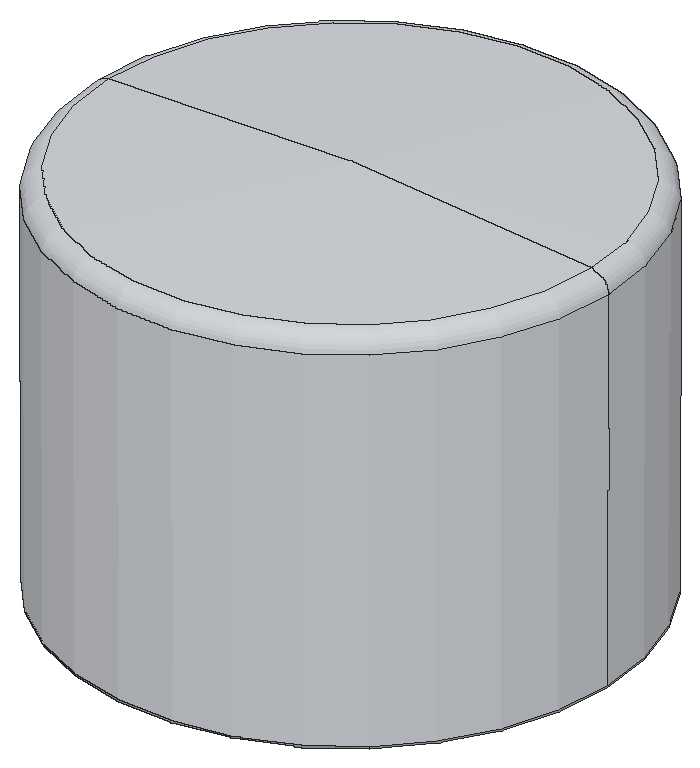
Revit family "Bernhardt-Design_Seating_Neighborhood_MobileSeating", category Furniture, Revit 2016
Family settings
  OmniClass Number = 23.40.20.00
  OmniClass Title = General Furniture and Specialties
  Work Plane-Based = No
  Always vertical = Yes
  Cut with Voids When Loaded = No
  Shared = No
  Room Calculation Point = No
Parameters (values of type "6021M")
  Upholstery Material [instance] = none
  URL = "http://www.bernhardtdesign.com/products/neighborhood/index.html"
  Type Selection = 6021
  Model = "Neighborhood"
  Manufacturer = "Bernhardt Design"  # constant formula
  Handle Finish = Aluminum - Brushed
  Copyright © = "Copyright © Bernhardt Design"  # constant formula
  Catalog [instance] = if(Type Selection = 6021, "Neighborhood 6021M", if(Type Selection = 60211, "Neighborhood 6021MJ", if(Type Selection = 6024, "Neighborhood 6024M", if(Type Selection = 60241, "Neighborhood 6024MJ", if(Type Selection = 6030, "Neighborhood 6030MB", "Neighborhood 6030MBJ")))))  # "Neighborhood 6021M"
  Authoring Version = "Autodesk Revit 2016"  # constant formula
  6030 = no
  6024 = no
  6021 = yes
Types (7): name | Type Selection | Handle Finish | Catalog | 6030 | 6024 | 6021
  (no name) | 6021 | Aluminum - Brushed | "Neighborhood 6021M" | no | no | yes
  6024M | 6024 | none | "Neighborhood 6024M" | no | yes | no
  6030MB | 6030 | Brushed Aluminum | "Neighborhood 6030MB" | yes | no | no
  6021M | 6021 | Aluminum - Brushed | "Neighborhood 6021M" | no | no | yes
  6021MJ | 60211 | none | "Neighborhood 6021MJ" | no | no | yes
  6024MJ | 60241 | none | "Neighborhood 6024MJ" | no | yes | no
  6030MBJ | 60301 | Brushed Aluminum | "Neighborhood 6030MBJ" | yes | no | no
Reference planes (in)
  plane 1 "Center Front/Back": y = 0
  plane 2: z = 0
  plane 3 "Center Left/Right": x = 0
Dimensions and locks (in)
  aligned and locked: level to plane 2
Nested families (in)
  nested 1: "Neighborhood_MobileSeating_6021M" at (0, 0, 0), Upholstery Material <- "Upholstery Material", visible <- "6021", type "Neighborhood 6021M"
    with Upholstery Material none
  nested 2: "Neighborhood_MobileSeating_6024M" at (0, 0, 0), Upholstry Material <- "Upholstery Material", visible <- "6024", type "Neighborhood 6024M"
    with Upholstry Material none
  nested 3: "Neighborhood_MobileSeating_6030M" at (0, 0, 0), Handle Finish <- "Handle Finish", Worksurface Material <- "Upholstery Material", visible <- "6030", type "Neighborhood 6030M"
    with Worksurface Material none, Handle Finish Aluminum - Brushed
Definition of nested family "Neighborhood_MobileSeating_6021M"
  Parameters (values of type "Neighborhood 6021M")
    Upholstery Material [instance] = none
    URL = ""
    Model = ""
    Manufacturer = ""
  Reference planes (in)
    plane 1 "Center Front/Back": y = 0
    plane 2: z = 0
    plane 3 "Center Left/Right": x = 0
  Forms (in)
    Revolve 1, solid, material <- "Upholstery Material"
      sketch origin (0, 0, 0) x (1, 0, 0) y (0, 0, 1)
        loop
          line (0, 0.84386) -> (0, 16.09386)
          arc (0, 16.09386) -> (-4.81074, 15.98393) -> (-9.61143, 15.65435) r 105.3125
          arc (-9.61143, 15.65435) -> (-10.08108, 15.42993) -> (-10.29155, 14.95386) r 0.75
          arc (-10.29155, 14.95386) -> (-10.49968, 7.95665) -> (-10.25786, 0.96053) r 108.90625
          arc (-10.25786, 0.96053) -> (-10.21853, 0.87758) -> (-10.13313, 0.84386) r 0.125
          line (-10.13313, 0.84386) -> (0, 0.84386)
        axis (0, 16.09386) -> (0, 0.84386)
      angle from 0 to 360
    Extrusion 2, solid
      sketch origin (4.20904, 107.809, 0.173) x (0, -1, 0) y (0, 0, 1)
        loop
          circle (100.434, 0.577) r 0.75
      from 5.08404 to 6.83404
    Extrusion 3, solid
      sketch origin (1.08404, 105.434, 0.173) x (0, -1, 0) y (0, 0, 1)
        loop
          circle (100.434, 0.577) r 0.75
      from 5.08404 to 6.83404
    Extrusion 4, solid
      sketch origin (-1.04096, 102.434, 0.173) x (0, -1, 0) y (0, 0, 1)
        loop
          circle (100.434, 0.577) r 0.75
      from 5.08404 to 6.83404
    Extrusion 5, solid
      sketch origin (-4.20904, 107.809, 0.173) x (0, -1, 0) y (0, 0, -1)
        loop
          circle (100.434, -0.577) r 0.75
      from 5.08404 to 6.83404
    Extrusion 6, solid
      sketch origin (-1.08404, 105.434, 0.173) x (0, -1, 0) y (0, 0, -1)
        loop
          circle (100.434, -0.577) r 0.75
      from 5.08404 to 6.83404
    Extrusion 7, solid
      sketch origin (1.04096, 102.434, 0.173) x (0, -1, 0) y (0, 0, -1)
        loop
          circle (100.434, -0.577) r 0.75
      from 5.08404 to 6.83404
    Extrusion 8, solid
      sketch origin (4.20904, -107.809, 0.173) x (0, 1, 0) y (0, 0, -1)
        loop
          circle (100.434, -0.577) r 0.75
      from 5.08404 to 6.83404
    Extrusion 9, solid
      sketch origin (1.08404, -105.434, 0.173) x (0, 1, 0) y (0, 0, -1)
        loop
          circle (100.434, -0.577) r 0.75
      from 5.08404 to 6.83404
    Extrusion 10, solid
      sketch origin (-1.04096, -102.434, 0.173) x (0, 1, 0) y (0, 0, -1)
        loop
          circle (100.434, -0.577) r 0.75
      from 5.08404 to 6.83404
    Extrusion 11, solid
      sketch origin (-4.20904, -107.809, 0.173) x (0, 1, 0) y (0, 0, 1)
        loop
          circle (100.434, 0.577) r 0.75
      from 5.08404 to 6.83404
    Extrusion 12, solid
      sketch origin (-1.08404, -105.434, 0.173) x (0, 1, 0) y (0, 0, 1)
        loop
          circle (100.434, 0.577) r 0.75
      from 5.08404 to 6.83404
    Extrusion 13, solid
      sketch origin (1.04096, -102.434, 0.173) x (0, 1, 0) y (0, 0, 1)
        loop
          circle (100.434, 0.577) r 0.75
      from 5.08404 to 6.83404
  Dimensions and locks (in)
    aligned and locked: level to plane 2
Definition of nested family "Neighborhood_MobileSeating_6024M"
  Parameters (values of type "Neighborhood 6024M")
    Upholstry Material [instance] = none
    URL = ""
    Model = ""
    Manufacturer = ""
  Reference planes (in)
    plane 1 "Center Front/Back": y = 0
    plane 2: z = 0
    plane 3 "Center Left/Right": x = 0
  Forms (in)
    Extrusion 1, solid
      sketch origin (-0.91596, 107.184, 0.173) x (0, -1, 0) y (0, 0, 1)
        loop
          circle (100.434, 0.577) r 0.75
      from 5.08404 to 6.83404
    Extrusion 2, solid, material <- "Upholstry Material"
      sketch origin (0, 10.5, 0) x (1, 0, 0) y (0, 0, 1)
        loop
          line (-10.13132, 0.85176) -> (10.13132, 0.85176)
          arc (10.13132, 0.85176) -> (10.21667, 0.88544) -> (10.25603, 0.96833) r 0.125
          arc (10.25603, 0.96833) -> (10.49972, 7.99465) -> (10.28201, 15.02182) r 107.12893
          arc (10.28201, 15.02182) -> (10.09496, 15.4713) -> (9.67135, 15.71124) r 0.75
          arc (9.67135, 15.71124) -> (0, 16.60747) -> (-9.67136, 15.7112) r 52.62987
          arc (-9.67136, 15.7112) -> (-10.09497, 15.47126) -> (-10.28201, 15.02179) r 0.75
          arc (-10.28201, 15.02179) -> (-10.49972, 7.99463) -> (-10.25603, 0.96833) r 107.12893
          arc (-10.25603, 0.96833) -> (-10.21667, 0.88544) -> (-10.13132, 0.85176) r 0.125
      from 0 to 21
    Extrusion 3, solid
      sketch origin (0.91596, 107.184, 0.173) x (0, -1, 0) y (0, 0, -1)
        loop
          circle (100.434, -0.577) r 0.75
      from 5.08404 to 6.83404
    Extrusion 4, solid
      sketch origin (-0.91596, -107.184, 0.173) x (0, 1, 0) y (0, 0, -1)
        loop
          circle (100.434, -0.577) r 0.75
      from 5.08404 to 6.83404
    Extrusion 5, solid
      sketch origin (0.91596, -107.184, 0.173) x (0, 1, 0) y (0, 0, 1)
        loop
          circle (100.434, 0.577) r 0.75
      from 5.08404 to 6.83404
  Dimensions and locks (in)
    aligned and locked: level to plane 2
Definition of nested family "Neighborhood_MobileSeating_6030M"
  Parameters (values of type "Neighborhood 6030M")
    Worksurface Material [instance] = none
    URL = ""
    Model = ""
    Manufacturer = ""
    Handle Finish [instance] = none
    Authoring Version = ""
  Reference planes (in)
    plane 1 "Center Front/Back": y = 0
    plane 2: z = 0
    plane 3 "Center Left/Right": x = 0
  Forms (in)
    Extrusion 1, solid, material <- "Worksurface Material"
      sketch origin (0, 10.5, 0) x (1, 0, 0) y (0, 0, 1)
        loop
          arc (4.97727, 0.87235) -> (5.06566, 0.90897) -> (5.10227, 0.99735) r 0.125
          arc (5.10227, 0.99735) -> (5.13888, 0.90897) -> (5.22727, 0.87235) r 0.125
          line (5.22727, 0.87235) -> (15.26824, 0.87235)
          arc (15.26824, 0.87235) -> (15.3551, 0.90746) -> (15.39316, 0.99307) r 0.125
          arc (15.39316, 0.99307) -> (15.62395, 14.51041) -> (15.38859, 28.02767) r 392.0817
          arc (15.38859, 28.02767) -> (15.12202, 28.6267) -> (14.51411, 28.87235) r 0.875
          line (14.51411, 28.87235) -> (9.98698, 28.87235)
          arc (9.98698, 28.87235) -> (9.23227, 28.6188) -> (8.78373, 27.96101) r 1.25
          line (8.78373, 27.96101) -> (5.10227, 14.88068)
          arc (5.10227, 14.88068) -> (4.89002, 15.44935) -> (4.35884, 15.7431) r 0.875
          arc (4.35884, 15.7431) -> (-4.98109, 16.46259) -> (-14.32494, 15.79584) r 63.30169
          arc (-14.32494, 15.79584) -> (-15.05665, 15.4131) -> (-15.39006, 14.65764) r 1.25
          arc (-15.39006, 14.65764) -> (-15.65939, 7.82248) -> (-15.3871, 0.98744) r 86.39119
          arc (-15.3871, 0.98744) -> (-15.3473, 0.90553) -> (-15.26249, 0.87235) r 0.125
          line (-15.26249, 0.87235) -> (4.97727, 0.87235)
      from 0 to 21
    Extrusion 2, solid
      sketch origin (-112.71839, 0.79096, 0.173) x (1, 0, 0) y (0, 0, -1)
        loop
          circle (100.434, -0.577) r 0.75
      from 5.08404 to 6.83404
    Extrusion 3, solid
      sketch origin (111.7746, 0.79096, 0.173) x (-1, 0, 0) y (0, 0, 1)
        loop
          circle (100.434, 0.577) r 0.75
      from 5.08404 to 6.83404
    Extrusion 4, solid
      sketch origin (-112.71839, -0.79096, 0.173) x (1, 0, 0) y (0, 0, 1)
        loop
          circle (100.434, 0.577) r 0.75
      from 5.08404 to 6.83404
    Extrusion 5, solid
      sketch origin (111.7746, -0.79096, 0.173) x (-1, 0, 0) y (0, 0, -1)
        loop
          circle (100.434, -0.577) r 0.75
      from 5.08404 to 6.83404
    Extrusion 6, void
      sketch origin (15.62396, 10.5, 0) x (0, -1, 0) y (0, 0, 1)
        loop
          line (12.5, 22.5) -> (8.5, 22.5)
          arc (8.5, 22.5) -> (8.45581, 22.48169) -> (8.4375, 22.4375) r 0.0625
          line (8.4375, 22.4375) -> (8.4375, 21.0625)
          arc (8.4375, 21.0625) -> (8.45581, 21.01831) -> (8.5, 21) r 0.0625
          line (8.5, 21) -> (12.5, 21)
          arc (12.5, 21) -> (12.54419, 21.01831) -> (12.5625, 21.0625) r 0.0625
          line (12.5625, 21.0625) -> (12.5625, 22.4375)
          arc (12.5625, 22.4375) -> (12.54419, 22.48169) -> (12.5, 22.5) r 0.0625
      from 0 to 1.25
    Extrusion 7, solid, material <- "Handle Finish"
      sketch origin (15.62396, 10.5, 0) x (0, -1, 0) y (0, 0, 1)
        loop
          line (12.5, 22.5) -> (8.5, 22.5)
          arc (8.5, 22.5) -> (8.45581, 22.48169) -> (8.4375, 22.4375) r 0.0625
          line (8.4375, 22.4375) -> (8.4375, 21.0625)
          arc (8.4375, 21.0625) -> (8.45581, 21.01831) -> (8.5, 21) r 0.0625
          line (8.5, 21) -> (12.5, 21)
          arc (12.5, 21) -> (12.54419, 21.01831) -> (12.5625, 21.0625) r 0.0625
          line (12.5625, 21.0625) -> (12.5625, 22.4375)
          arc (12.5625, 22.4375) -> (12.54419, 22.48169) -> (12.5, 22.5) r 0.0625
        loop
          line (12.125, 22.25) -> (8.875, 22.25)
          arc (8.875, 22.25) -> (8.83081, 22.23169) -> (8.8125, 22.1875) r 0.0625
          line (8.8125, 22.1875) -> (8.8125, 21.3125)
          arc (8.8125, 21.3125) -> (8.83081, 21.26831) -> (8.875, 21.25) r 0.0625
          line (8.875, 21.25) -> (12.125, 21.25)
          arc (12.125, 21.25) -> (12.16919, 21.26831) -> (12.1875, 21.3125) r 0.0625
          line (12.1875, 21.3125) -> (12.1875, 22.1875)
          arc (12.1875, 22.1875) -> (12.16919, 22.23169) -> (12.125, 22.25) r 0.0625
      from 0 to 1.25
  Cuts and joins
    Extrusion 6 cuts Extrusion 1
  Dimensions and locks (in)
    aligned and locked: level to plane 2
